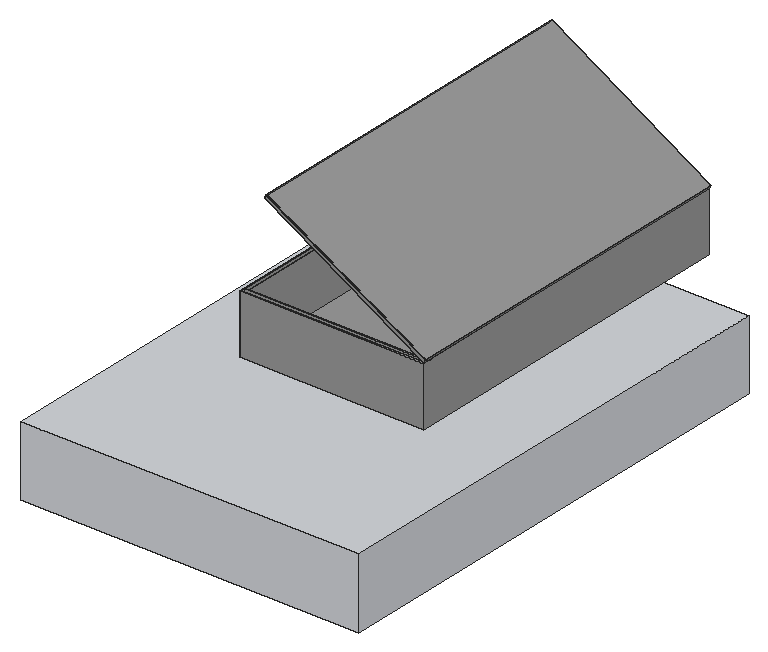
Revit family "Hager-Univers-IP55-D275-H1550-Cl.II-Steel_encl-CH-it", category Equipement électrique, Revit 2020
Family settings
  Hôte = Face
  Configuration du panneau = Deux colonnes, circuits au sein
  Cote de connecteur circulaire = Utiliser le diamètre
  Type d'élément = Tableau de raccordement
  Couper avec des vides une fois chargée = Non
  Partagée = Non
  Point de calcul de pièce = Non
Parameters (values of type "A parete IP55 L800 A1550 P275  - FR03S")
  Width Control [instance] = if([EF000008 - Larghezza] > Min Width, [EF000008 - Larghezza], Min Width)  # 800 mm
  Commentaires du type = [HG000003 - Gamma]  # "Univers"
  Thickness Door [instance] = if([EF009171 - spessore materiale porta/coperchio] > 3 mm, 3 mm, [EF009171 - spessore materiale porta/coperchio])  # 1.5 mm
  Seal Frame Offset [instance] = 17 mm  # constant formula
  Plinth Visibility [instance] = [HG000027 - Altezza dello zoccolo] > 0 mm  # no
  Model = ""
  Min Width [instance] = 100 mm  # constant formula
  Min Height [instance] = 100 mm  # constant formula
  Min Depth [instance] = (2 * [EF009170 - spessore materiale scatola]) + 1 mm  # 4 mm
  Internal Frame Depth [instance] = (Door System Depth * 0.5)  # 9 mm
  Height Control [instance] = if([EF000040 - Altezza] > Min Height, [EF000040 - Altezza], Min Height)  # 1550 mm
  HG000027 - Altezza dello zoccolo = 0 mm
  HG000026 - A pavimento = no
  HG000024 - Altezza della sezione inferiore = 800 mm
  HG000023 - Custodia a doppia sezione = no
  HG000016 - Visibilità delle porte nella vista 3D [instance] = yes
  HG000015 - Visibilità attraverso la porta [instance] = no
  HG000014 - Porta destra [instance] = yes
  HG000013 - Porta sinistra [instance] = not([HG000014 - Porta destra])  # no
  HG000012 - Angolo di apertura della porta [instance] = 30.00°
  HG000010 - Porte asimmetriche = no
  HG000009 - Porta doppia a battente = no
  HG000006 - Ad incasso = no
  HG000004 - Codice produttore = "FR03S"
  HG000003 - Gamma = "Univers"
  HG000002 - Con porta = yes
  Frame Offset Bottom [instance] = 10 mm  # constant formula
  Frame Offset [instance] = 15 mm  # constant formula
  EF015940 - Coprire con rilascio di sovrapressione = no
  EF011959 - tipo di protezione (NEMA) = ""
  EF009554 - numero delle aperture per la piastra della flangia = 6
  Fabricant = "Hager"  # constant formula
  EF009212 - esecuzione coperchio = "EV000116 - chiuso"
  EF009171 - spessore materiale porta/coperchio = 1.5 mm
  EF009170 - spessore materiale scatola = 1.5 mm
  EF008873 - corrente nominale (In) = 800 A
  EF007800 - adatto per parafulmine = no
  EF006306 - con serratura = no
  EF006244 - coperchio/porta trasparente = no
  EF005474 - grado di protezione (IP) = "EV006420 - IP55"
  EF004464 - tipo di porta = "EV002646 - singolo"
  EF004427 - numero di moduli = 360
  EF004293 - resistenza agli urti = "EV008784 - IK10"
  EF003532 - adatto per uso esterno = no
  EF002950 - Numero moduli DIN = 24
  EF001613 - Integrità del circuito = "EV000494 - senza"
  EF001596 - Attacco Lampada = "EV000179 - acciaio"
  EF001131 - profondità interna = 275 mm
  EF001088 - possibilità di applicazione = yes
  EF000437 - numero di ingressi per conduttori = 6
  EF000339 - tipo di copertura = "EV004216 - porta"
  EF000266 - numero di file = 10
  EF000218 - profondità di incasso = 0 mm
  EF000118 - con piastra di montaggio = no
  EF000116 - numero RAL = "7035"
  EF000049 - profondità = 275 mm
  EF000040 - Altezza = 1550 mm
  EF000008 - Larghezza = 800 mm
  EF000007 - colore = "EV000270 - grigio"
  EF000003 - Tipo di montaggio = "EV000384 - A parete"
  Door System Leaf Tolerance [instance] = 1.5 mm  # constant formula
  Door System Depth [instance] = 18 mm  # constant formula
  Door Height [instance] = Height Control - [HG000027 - Altezza dello zoccolo]  # 1550 mm
  Depth Control [instance] = if([EF000049 - profondità] > Min Depth, [EF000049 - profondità], Min Depth)  # 275 mm
  Default Elevation = 0 mm
  Connector Offset [instance] = Height Control / 2  # 775 mm
  Bottom Top Plate Trim [instance] = 1.5 mm  # constant formula
  Plinth height Ctrl [instance] = if([HG000027 - Altezza dello zoccolo] > 0 mm, [HG000027 - Altezza dello zoccolo], 12 mm)  # 12 mm
Types (5, lengths in mm): name | Width Control | HG000010 - Porte asimmetriche | HG000009 - Porta doppia a battente | HG000004 - Codice produttore | EF009554 - numero delle aperture per la piastra della flangia | EF004464 - tipo di porta | EF004427 - numero di moduli | EF000437 - numero di ingressi per conduttori | EF000008 - Larghezza
  A parete IP55 L1050 A1550 P275  - FR04S | 1050 | no | yes | "FR04S" | 8 | "EV003602 - doppio" | 480 | 8 | 1050
  A parete IP55 L1300 A1550 P275  - FR05S | 1300 | yes | yes | "FR05S" | 10 | "EV003602 - doppio" | 600 | 10 | 1300
  A parete IP55 L300 A1550 P275  - FR01S | 300 | no | no | "FR01S" | 2 | "EV002646 - singolo" | 120 | 2 | 300
  A parete IP55 L550 A1550 P275  - FR02S | 550 | no | no | "FR02S" | 4 | "EV002646 - singolo" | 240 | 4 | 550
  A parete IP55 L800 A1550 P275  - FR03S | 800 | no | no | "FR03S" | 6 | "EV002646 - singolo" | 360 | 6 | 800
Reference planes
  plane 1 "Center (Front/Back)": y = 0
  plane 2: z = 0
  plane 3 "Center (Left/Right)": x = 0
  plane 4: z = 275
  plane 5: y = 1.5
  plane 6: y = 775
  plane 7: y = 0
  plane 8: y = 1550
  plane 9: z = 0
  plane 10: x = -385
  plane 11: x = 385
  plane 12: x = 383.5
  plane 13: x = -383.5
  plane 14: y = 1548.5
  plane 15: x = -383
  plane 16: x = -400
  plane 17: x = 383
  plane 18: x = 400
  plane 19: x = 398.5
  plane 20: x = -398.5
  plane 21: y = 11.5
  plane 22: y = 1550
  plane 23: y = 1533.5
  plane 24: z = 257
  plane 25: z = 1.5
  plane 26: z = 255.5
  plane 27: z = 273.5
Forms (mm)
  Extrusion 1, solid
    sketch origin (0, 0, 0) x (1, 0, 0) y (0, 1, 0)
      loop
        line (-702.964, 1305) -> (-702.964, -811.445) -> (766.763, -811.445) -> (766.763, 1305) -> (-702.964, 1305)
    from 0 to -304.8
  Extrusion 2, solid, material "Hager_Steel_RAL7035_Light_Grey", visible <- "Plinth Visibility", detail levels medium+fine
    sketch origin (0, 0, 0) x (1, 0, 0) y (0, 1, 0)
      loop
        line (-400, 0) -> (400, 0) -> (400, 12) -> (-400, 12) -> (-400, 0)
    from 0 to 257
  Extrusion 3, solid, material "Hager_Steel_RAL7035_Light_Grey", detail levels medium+fine
    sketch origin (0, 0, 0) x (1, 0, 0) y (0, 1, 0)
      loop
        line (-400, 0) -> (400, 0) -> (400, 1550) -> (-400, 1550) -> (-400, 0)
    from 0 to 257
  Extrusion 4, void
    sketch origin (0, 0, 0) x (1, 0, 0) y (0, 1, 0)
      loop
        line (-398.5, 1.5) -> (398.5, 1.5) -> (398.5, 1548.5) -> (-398.5, 1548.5) -> (-398.5, 1.5)
    from 1.5 to 255.5
  Extrusion 5, void
    sketch origin (-381.607, -4572, 257) x (0, -1, 0) y (-1, 0, 0)
      loop
        line (-4583.5, 1.893) -> (-6105.5, 1.893) -> (-6105.5, -765.107) -> (-4583.5, -765.107) -> (-4583.5, 1.893)
    from 0 to 1.5 <- "EF009170 - spessore materiale scatola"
  Extrusion 6, solid, material "Hager_Steel_RAL7035_Light_Grey", detail levels fine
    sketch origin (0, 0, 257) x (1, 0, 0) y (0, 1, 0)
      loop
        line (-383.5, 1533.5) -> (-383.5, 11.5) -> (383.5, 11.5) -> (383.5, 1533.5) -> (-383.5, 1533.5)
      loop
        line (-385, 10) -> (385, 10) -> (385, 1535) -> (-385, 1535) -> (-385, 10)
    from 0 to 9 <- "Internal Frame Depth"
  Extrusion 7, solid, material "Hager_Steel_RAL7035_Light_Grey", detail levels coarse
    sketch origin (0, 0, 0) x (1, 0, 0) y (0, 1, 0)
      loop
        line (-400, 0) -> (400, 0) -> (400, 1550) -> (-400, 1550) -> (-400, 0)
    from 0 to 275
  Sweep 8, void
    path in 3D
      loop
        line (-400, 12, 0) -> (400, 12, 0) -> (400, 12, 257) -> (-400, 12, 257) -> (-400, 12, 0)
    profile origin (-400, 12, 128.5) x (-1, 0, 0) y (0, -1, 0)
      loop
        line (0, 0) -> (0, 1.5) -> (-1.5, 1.5)
        arc (-1.5, 1.5) -> (-1.061, 0.439) -> (0, 0) r 1.5
Cuts and joins
  Extrusion 4, Extrusion 5 cuts Extrusion 3
  Sweep 8 cuts Extrusion 2
Lines and regions (mm)
  Masking region 1
    outline origin (0, 0, 0) x (1, 0, 0) y (0, 0, 1)
      loop
        line (-400, 275) -> (-400, 0) -> (400, 0) -> (400, 275) -> (-400, 275)
  Masking region 2, detail levels medium+fine
    outline origin (0, 140, 0) x (0, 1, 0) y (0, 0, 1)
      loop
        line (-140, 0) -> (1410, 0) -> (1410, 257) -> (-140, 257) -> (-140, 0)
  Masking region 3, not visible, detail levels medium+fine
    outline origin (0, 297.922, 0) x (0, 1, 0) y (0, 0, 1)
      loop
        line (488.578, 0) -> (528.578, 0) -> (528.578, 263.5)
        arc (528.578, 263.5) -> (525.649, 270.571) -> (518.578, 273.5) r 10
        line (518.578, 273.5) -> (488.578, 273.5) -> (488.578, 0)
  Masking region 4, detail levels coarse
    outline origin (0, 0, 180) x (0, 1, 0) y (0, 0, 1)
      loop
        line (0, -180) -> (1550, -180) -> (1550, 95) -> (0, 95) -> (0, -180)
  Masking region 5, visible <- "Plinth Visibility", detail levels medium+fine
    outline origin (0, 52.24, 12.345) x (0, 0, -1) y (0, 1, 0)
      loop
        line (10.845, -40.24) -> (-243.155, -40.24)
        arc (-243.155, -40.24) -> (-243.594, -41.301) -> (-244.655, -41.74) r 1.5
        line (-244.655, -41.74) -> (-244.655, -52.24) -> (12.345, -52.24) -> (12.345, -41.74)
        arc (12.345, -41.74) -> (11.285, -41.301) -> (10.845, -40.24) r 1.5
  Masking region 6, detail levels medium+fine
    outline origin (-381.607, -4572, 257) x (-1, 0, 0) y (0, -1, 0)
      loop
        line (18.393, -6122) -> (18.393, -4572) -> (-781.607, -4572) -> (-781.607, -6122) -> (18.393, -6122)
  Masking region 7, visible <- "Plinth Visibility", detail levels medium+fine
    outline origin (-381.607, -4727, 257) x (-1, 0, 0) y (0, -1, 0)
      loop
        arc (16.893, -4739) -> (17.332, -4737.939) -> (18.393, -4737.5) r 1.5
        line (18.393, -4737.5) -> (18.393, -4727) -> (-781.607, -4727) -> (-781.607, -4737.5)
        arc (-781.607, -4737.5) -> (-780.546, -4737.939) -> (-780.107, -4739) r 1.5
        line (-780.107, -4739) -> (16.893, -4739)
  Masking region 8, detail levels coarse
    outline origin (-442.548, -4669.526, 257) x (-1, 0, 0) y (0, -1, 0)
      loop
        line (-42.548, -6219.526) -> (-42.548, -4669.526) -> (-842.548, -4669.526) -> (-842.548, -6219.526) -> (-42.548, -6219.526)
  sketch lines
    curve 1: line (-400, 12, 257) -> (-400, 12, 0)
    curve 2: line (400, 12, 257) -> (-400, 12, 257)
    curve 3: line (400, 12, 257) -> (400, 12, 0)
    curve 4: line (-400, 12, 0) -> (400, 12, 0)
Dimensions and locks
  "Depth Control": plane 4 to Extrusion 1
  "HG000027 - Altezza dello zoccolo": plane 1 "Center (Front/Back)" to plane 7
  "EF009170 - spessore materiale scatola": plane 5 to plane 7
  locked: connector elem to plane 3 "Center (Left/Right)"
  equal spacing: plane 8, plane 6, plane 7
  locked: connector elem to plane 6
  "EF009170 - spessore materiale scatola": plane 8 to plane 14
  "EF009170 - spessore materiale scatola": plane 10 to plane 13
  "EF009170 - spessore materiale scatola": plane 12 to plane 11
  "Frame Offset": plane 20 to plane 13
  "Frame Offset": plane 12 to plane 19
  "EF009170 - spessore materiale scatola": plane 16 to plane 20
  "EF009170 - spessore materiale scatola": plane 19 to plane 18
  "Seal Frame Offset": plane 16 to plane 15
  "Seal Frame Offset": plane 17 to plane 18
  "Frame Offset Bottom": plane 21 to plane 5
  "Frame Offset": plane 14 to plane 23
  equal spacing: plane 16, plane 3 "Center (Left/Right)", plane 18
  "Width Control": plane 16 to plane 18
  "EF009170 - spessore materiale scatola": plane 4 to plane 27
  "EF009170 - spessore materiale scatola": plane 24 to plane 26
  "EF009170 - spessore materiale scatola": plane 25 to level
  "Door System Depth": plane 4 to plane 24
  "Height Control": plane 1 "Center (Front/Back)" to Extrusion 7 sketch curve
  "Height Control": Masking region 4 sketch curve to plane 1 "Center (Front/Back)"
  "Height Control": plane 1 "Center (Front/Back)" to plane 22
  "Bottom Top Plate Trim": profile plane to Sweep 8 sketch curve
  "Bottom Top Plate Trim": Sweep 8 sketch curve to profile plane
  "Plinth height Ctrl": plane 1 "Center (Front/Back)" to Extrusion 2 sketch curve
  "Plinth height Ctrl": Masking region 5 sketch curve to plane 1 "Center (Front/Back)"
  "Plinth height Ctrl": plane 1 "Center (Front/Back)" to Masking region 7 sketch curve
  "Thickness Door": Extrusion 6 sketch curve to Extrusion 6 sketch curve  (x3)
  "Thickness Door": cut or joined group of Extrusion 3, Extrusion 4, Extrusion 5 to Extrusion 6 sketch curve
  radius of Masking region 3 sketch curve = 10 mm
  "Bottom Top Plate Trim": radius of Masking region 5 sketch curve  (x2)
  "Bottom Top Plate Trim": radius of Sweep 8 sketch curve
  "Bottom Top Plate Trim": radius of Masking region 7 sketch curve  (x2)
  aligned and locked: plane 2 to Extrusion 1
  aligned and locked: level to Extrusion 1
  aligned and locked: level to Masking region 1 sketch curve
  aligned and locked: Masking region 1 sketch curve to plane 18
  aligned and locked: Masking region 1 sketch curve to plane 16
  aligned and locked: plane 7 to Masking region 2 sketch curve
  aligned and locked: level to Masking region 3 sketch curve
  aligned and locked: Masking region 3 sketch curve to plane 27
  aligned and locked: level to Masking region 2 sketch curve
  aligned and locked: plane 1 "Center (Front/Back)" to Extrusion 2 sketch curve
  aligned and locked: Extrusion 3 sketch curve to plane 7
  aligned and locked: plane 16 to Extrusion 3 sketch curve
  aligned and locked: plane 18 to Extrusion 3 sketch curve
  aligned and locked: plane 20 to Extrusion 4 sketch curve
  aligned and locked: plane 19 to Extrusion 4 sketch curve
  aligned and locked: Extrusion 4 sketch curve to plane 5
  aligned and locked: Extrusion 4 to plane 25
  aligned and locked: plane 26 to Extrusion 4
  aligned and locked: plane 24 to Extrusion 3
  aligned and locked: Extrusion 5 sketch curve to plane 21
  aligned and locked: Extrusion 5 sketch curve to plane 13
  aligned and locked: Extrusion 5 sketch curve to plane 12
  aligned and locked: plane 18 to Extrusion 7 sketch curve
  aligned and locked: plane 1 "Center (Front/Back)" to Extrusion 7 sketch curve
  aligned and locked: plane 16 to Extrusion 7 sketch curve
  aligned and locked: plane 4 to Extrusion 7
  aligned and locked: Extrusion 7 to level
  aligned and locked: level to Masking region 4 sketch curve
  aligned and locked: Masking region 4 sketch curve to plane 1 "Center (Front/Back)"
  aligned and locked: Masking region 4 sketch curve to plane 4
  aligned and locked: nested 1 to level
  aligned and locked: nested 1 to plane 16
  aligned and locked: plane 8 to Extrusion 3 sketch curve
  aligned and locked: plane 23 to Extrusion 5 sketch curve
  aligned and locked: plane 14 to Extrusion 4 sketch curve
  aligned and locked: Masking region 2 sketch curve to plane 8
  aligned and locked: level to Masking region 5 sketch curve
  aligned and locked: plane 16 to Extrusion 2 sketch curve
  aligned and locked: plane 18 to Extrusion 2 sketch curve
  aligned and locked: Masking region 5 sketch curve to plane 24
  aligned and locked: Masking region 2 sketch curve to plane 24
  aligned and locked: plane 24 to Extrusion 2
  aligned and locked: profile plane to Sweep 8 sketch curve  (x2)
  aligned and locked: Masking region 6 sketch curve to plane 18
  aligned and locked: Masking region 6 sketch curve to plane 22
  aligned and locked: Masking region 6 sketch curve to plane 16
  aligned and locked: plane 8 to plane 22
  aligned and locked: Masking region 6 sketch curve to plane 7
  aligned and locked: Masking region 7 sketch curve to plane 16
  aligned and locked: Masking region 7 sketch curve to plane 1 "Center (Front/Back)"
  aligned and locked: Masking region 7 sketch curve to plane 18
  aligned and locked: Masking region 8 sketch curve to plane 1 "Center (Front/Back)"
  aligned and locked: Masking region 8 sketch curve to plane 18
  aligned and locked: Masking region 8 sketch curve to plane 22
  aligned and locked: Masking region 8 sketch curve to plane 16
  aligned and locked: nested 2 to plane 7
  aligned and locked: plane 3 "Center (Left/Right)" to nested 2
  aligned and locked: nested 2 to plane 24
  aligned and locked: Extrusion 6 sketch curve to cut or joined group of Extrusion 3, Extrusion 4, Extrusion 5  (x4)
Automatic sketch dimensions
  Extrusion 1 sketch curve to Extrusion 1 sketch curve = 1469.727 mm
  Extrusion 1 sketch curve to Extrusion 1 sketch curve = 2116.445 mm
  Masking region 1 sketch curve to plane 4 = 0 mm
  plane 6 to Masking region 3 sketch curve = 11.5 mm
  Masking region 3 sketch curve to Masking region 3 sketch curve = 30 mm
  Masking region 5 sketch curve to plane 1 "Center (Front/Back)" = 0 mm
Nested families
  nested 1: "Hager_Enclosure_Symbol" at (-400, 0, 0) x (1, 0, 0) z (0, -1, 0), Height <- "Depth Control", Width <- "Width Control", type "Hager_Enclosure_Symbol"
    with Width_Ctrl 800 mm, Width 800 mm, Height_Ctrl 275 mm, Height 275 mm, A_Width_Int 18.047 mm, A_Width 216.562 mm, A_Height_Ctrl 240.625 mm, A_Height 240.625 mm
  nested 2: "EC000058_Univers_Door" at (0, 0, 257) x (1, 0, 0) z (0, 1, 0), Leaf_Tolerance <- "Door System Leaf Tolerance", Angle <- "HG000012 - Angolo di apertura della porta", Door_Depth <- "Door System Depth", Door_Left <- "HG000013 - Porta sinistra", Transparent <- "EF006244 - coperchio/porta trasparente", Assymetrical <- "HG000010 - Porte asimmetriche", Width <- "Width Control", Clearance <- "HG000015 - Visibilità attraverso la porta", Double <- "HG000009 - Porta doppia a battente", 3d_Door <- "HG000016 - Visibilità delle porte nella vista 3D", Lock_Visibility <- "EF006306 - con serratura", Width_Ctrl <- "Width Control", Door_Right <- "HG000014 - Porta destra", Door <- "HG000002 - Con porta", Height <- "Door Height", Thickness <- "Thickness Door", type "EC000058_Univers_Door", detail levels medium+fine
    with min_wh 4 mm, Width_Ctrl 800 mm, Width 800 mm, Transparent no, Thickness 1.5 mm, Seal_Material Hager_Rubber, Lock_Visibility no, Lock_Material Hager_Plastic_RAL9005_Jet_Black, Leaf_Width 800 mm, Leaf_Tolerance_External_Sides 0 mm, Leaf_Tolerance 1.5 mm, Leaf_Offset 0 mm, Leaf_Height 1547 mm, Leaf_2_Width 800 mm, Leaf_2_Offset 400 mm, Leaf_1_Width 800 mm, Leaf_1_Offset 400 mm, Height_Ctrl 1550 mm, Height 1550 mm, Glass_Material Hager_Glass, Double_Clearance_Ctrl no, Double no, Door_Right_Ctrl yes, Door_Right yes, Door_Material Hager_Steel_RAL7035_Light_Grey, Door_Left_Ctrl no, Door_Left no, Door_Depth 18 mm, Door yes, Clearance_Material Hager_Clearance, Clearance_Depth 800 mm, Clearance_Ctrl no, Clearance no, Assymetrical no, Angle 30.00°, 3d_Door yes
Connectors
  electrical at (0, 775, 0)
    settings: on plane 9, index 1, voltage 0 V, apparent load 0 VA, apparent load phase1 0 VA, apparent load phase2 0 VA, apparent load phase3 0 VA, power factor 1, load classification "Other", number of poles 1, system type 30, power factor state 1, is connector primary yes, connector utility no, sub classification motor no, connector description ""
Definition of nested family "EC000058_Univers_Door"
  Parameters (values of type "EC000058_Univers_Door")
    min_wh [instance] = (2 * Thickness) + 1 mm  # 11 mm
    Width_Ctrl [instance] = 400 mm
    Width [instance] = 500 mm
    Transparent [instance] = yes
    Thickness [instance] = 5 mm
    Seal_Material [instance] = none
    Lock_Visibility [instance] = yes
    Lock_Material [instance] = none
    Leaf_Width [instance] = if((Width_Ctrl - 2 * Leaf_Tolerance_External_Sides) > 0 mm, (Width_Ctrl - 2 * Leaf_Tolerance_External_Sides), min_wh)  # 400 mm
    Leaf_Tolerance_External_Sides [instance] = 0 mm  # constant formula
    Leaf_Tolerance [instance] = 1.5 mm
    Leaf_Offset [instance] = 0 mm  # constant formula
    Leaf_Height [instance] = if((Height_Ctrl - 2 * Leaf_Tolerance) > 0 mm, (Height_Ctrl - 2 * Leaf_Tolerance), min_wh)  # 497 mm
    Leaf_2_Width [instance] = if(and(and(Double, Assymetrical), Door_Left), (Leaf_Width / 3) - (Leaf_Tolerance / 2), if(and(and(Double, Assymetrical), Door_Right), (Leaf_Width / 3) * 2 - (Leaf_Tolerance / 2), if(and(Double, not(Assymetrical)), (Leaf_Width / 2) - Leaf_Tolerance, Leaf_Width)))  # 400 mm
    Leaf_2_Offset [instance] = if(and(Double, Assymetrical), Leaf_2_Width / 2, if(and(Double, not(Assymetrical)), Leaf_Width / 4, Leaf_Width / 2))  # 200 mm
    Leaf_1_Width [instance] = if(and(and(Double, Assymetrical), Door_Right), (Leaf_Width / 3) - (Leaf_Tolerance / 2), if(and(and(Double, Assymetrical), Door_Left), (Width / 3) * 2 - (Leaf_Tolerance / 2), if(and(Double, not(Assymetrical)), (Leaf_Width / 2) - Leaf_Tolerance, Leaf_Width)))  # 400 mm
    Leaf_1_Offset [instance] = if(and(Double, Assymetrical), Leaf_1_Width / 2, if(and(Double, not(Assymetrical)), Leaf_Width / 4, Leaf_Width / 2))  # 200 mm
    Height_Ctrl [instance] = if(Height > min_wh, Height, min_wh)  # 500 mm
    Height [instance] = 500 mm
    Glass_Material [instance] = none
    Double_Clearance_Ctrl [instance] = and(Double, Clearance)  # no
    Double [instance] = no
    Door_Right_Ctrl [instance] = and(or(Door_Right, Double), Door)  # yes
    Door_Right [instance] = yes
    Door_Material [instance] = none
    Door_Left_Ctrl [instance] = and(or(Door_Left, Double), Door)  # no
    Door_Left [instance] = no
    Door_Depth [instance] = 30 mm
    Door [instance] = yes
    Default Elevation = 1219.2 mm
    Clearance_Material [instance] = none
    Clearance_Depth [instance] = if(Leaf_1_Width > Leaf_2_Width, Leaf_1_Width, Leaf_2_Width)  # 400 mm
    Clearance_Ctrl [instance] = and(not(Double), Clearance)  # yes
    Clearance [instance] = yes
    Assymetrical [instance] = yes
    Angle [instance] = 30.00°
    3d_Door [instance] = yes
  Reference planes
    plane 1 "Center (Front/Back)": y = 0
    plane 2 "Bottom": z = 0
    plane 3 "Center (Left/Right)": x = 0
    plane 4: z = 500
    plane 5: x = -200
    plane 6: x = 200
    plane 7: z = 500
    plane 8: x = -200
    plane 9: z = 0
    plane 10: x = 200
    plane 11: y = 0
    plane 12: z = 1.5
    plane 13: x = -600
    plane 14: y = -400
    plane 15: x = 600
    plane 16: x = 0
    plane 17: x = 0
    plane 18: x = -200
    plane 19: x = 200
    plane 20: z = 498.5
  Forms (mm)
    Extrusion 1, solid, material <- "Clearance_Material", visible <- "Double_Clearance_Ctrl"
      sketch origin (1200, 0, 0) x (1, 0, 0) y (0, 0, -1)
        loop
          line (-1800, -498.5) -> (-600, -498.5) -> (-600, 0) -> (-1800, 0) -> (-1800, -498.5)
      from 0 to -400
  Dimensions and locks
    equal spacing: plane 5, plane 3 "Center (Left/Right)", plane 6
    "Width_Ctrl": plane 5 to plane 6
    "Leaf_Offset": plane 5 to plane 8
    "Leaf_Offset": plane 6 to plane 10
    "Leaf_Offset": plane 9 to level
    "Leaf_Offset": plane 4 to plane 7
    "Height_Ctrl": plane 4 to level
    "Leaf_Tolerance": plane 12 to plane 9
    locked: plane 11 to plane 1 "Center (Front/Back)"
    "Leaf_1_Offset": plane 18 to plane 16
    "Leaf_2_Offset": plane 17 to plane 19
    "Leaf_1_Width": plane 13 to plane 8
    "Leaf_2_Width": plane 10 to plane 15
    "Clearance_Depth": plane 14 to plane 1 "Center (Front/Back)"
    "Leaf_Tolerance_External_Sides": plane 8 to plane 18
    "Leaf_Tolerance_External_Sides": plane 19 to plane 10
    "Leaf_Tolerance": plane 7 to plane 20
    aligned and locked: level to plane 2 "Bottom"
    aligned and locked: nested 1 to plane 16
    aligned and locked: nested 2 to plane 17
    aligned and locked: Extrusion 1 to plane 13
    aligned and locked: plane 15 to Extrusion 1
    aligned and locked: Extrusion 1 to plane 14
    aligned and locked: plane 12 to nested 1
    aligned and locked: nested 2 to plane 12
    aligned and locked: Extrusion 1 to plane 11
    aligned and locked: plane 20 to Extrusion 1
    aligned and locked: nested 2 to plane 11
    aligned and locked: nested 1 to plane 11
  Automatic sketch dimensions
    Extrusion 1 sketch curve to level = 0 mm
    plane 5 to Extrusion 1 sketch curve = 400 mm
    plane 6 to Extrusion 1 sketch curve = 400 mm
    Extrusion 1 sketch curve to plane 4 = 1.5 mm
  Nested families
    nested 1: "EC000058_Univers_Door_Leaf" at (0, 0, 1.5), Width <- "Leaf_1_Width", visible <- "Door_Left_Ctrl", Leaf_Height <- "Leaf_Height", Angle <- "Angle", 3d_Door <- "3d_Door", Transparent <- "Transparent", Clearance Material <- "Clearance_Material", Clearance <- "Clearance_Ctrl", Door_Material <- "Door_Material", Glass_Material <- "Glass_Material", Door_Depth <- "Door_Depth", Lock_Material <- "Lock_Material", Seal_Material <- "Seal_Material", Lock_Visibility <- "Lock_Visibility", Thickness <- "Thickness", type "EC000058_Univers_Door_Leaf"
      with Width 400 mm, Transparent_Glass_Offset 30 mm, Transparent_Ctrl yes, Transparent yes, Thickness 5 mm, Standard no, Seal_Material none, Seal_D2 8 mm, Seal_D1 1 mm, Offset_Internal_Frame 10 mm, Lock_Width 20 mm, Lock_Visibility_3d yes, Lock_Visibility yes, Lock_Thickness_3 3 mm, Lock_Thickness_2 1 mm, Lock_Thickness_1 3 mm, Lock_Radius_Offset_2 16 mm, Lock_Radius_Offset_1 15 mm, Lock_Radius_2 5 mm, Lock_Radius 6 mm, Lock_Offset 5 mm, Lock_Material none, Lock_Height 80 mm, Lock_Cover_Top_Offset_2d 17 mm, Lock_Cover_Height -65 mm, Leaf_Height 497 mm, Internal_Seal_Thickness 8 mm, Internal_Seal_Depth_2 4.5 mm, Internal_Frame_Depth 25 mm, Glass_Thickness -1 mm, Glass_Offset -2 mm, Glass_Material none, Door_Material none, Door_Depth 30 mm, Clearance Material none, Clearance yes, Angle_Ctrl 30.00°, Angle 30.00°, 3d_Door yes
    nested 2: "EC000058_Univers_Door_Leaf" at (0, 0, 1.5) x (-1, 0, 0) z (0, 0, 1), Width <- "Leaf_2_Width", visible <- "Door_Right_Ctrl", Leaf_Height <- "Leaf_Height", Angle <- "Angle", 3d_Door <- "3d_Door", Transparent <- "Transparent", Clearance Material <- "Clearance_Material", Clearance <- "Clearance_Ctrl", Door_Material <- "Door_Material", Glass_Material <- "Glass_Material", Door_Depth <- "Door_Depth", Lock_Material <- "Lock_Material", Seal_Material <- "Seal_Material", Lock_Visibility <- "Lock_Visibility", Thickness <- "Thickness", type "EC000058_Univers_Door_Leaf"
      with Width 400 mm, Transparent_Glass_Offset 30 mm, Transparent_Ctrl yes, Transparent yes, Thickness 5 mm, Standard no, Seal_Material none, Seal_D2 8 mm, Seal_D1 1 mm, Offset_Internal_Frame 10 mm, Lock_Width 20 mm, Lock_Visibility_3d yes, Lock_Visibility yes, Lock_Thickness_3 3 mm, Lock_Thickness_2 1 mm, Lock_Thickness_1 3 mm, Lock_Radius_Offset_2 16 mm, Lock_Radius_Offset_1 15 mm, Lock_Radius_2 5 mm, Lock_Radius 6 mm, Lock_Offset 5 mm, Lock_Material none, Lock_Height 80 mm, Lock_Cover_Top_Offset_2d 17 mm, Lock_Cover_Height -65 mm, Leaf_Height 497 mm, Internal_Seal_Thickness 8 mm, Internal_Seal_Depth_2 4.5 mm, Internal_Frame_Depth 25 mm, Glass_Thickness -1 mm, Glass_Offset -2 mm, Glass_Material none, Door_Material none, Door_Depth 30 mm, Clearance Material none, Clearance yes, Angle_Ctrl 30.00°, Angle 30.00°, 3d_Door yes
  Definition of nested family "EC000058_Univers_Door_Leaf"
    Parameters (values of type "EC000058_Univers_Door_Leaf")
      Width [instance] = 2000 mm
      Transparent_Glass_Offset [instance] = 30 mm
      Transparent_Ctrl [instance] = and(Transparent, [3d_Door])  # yes
      Transparent [instance] = yes
      Thickness [instance] = 5 mm
      Standard [instance] = and(not(Transparent), [3d_Door])  # no
      Seal_Material [instance] = none
      Seal_D2 [instance] = 8 mm  # constant formula
      Seal_D1 [instance] = 1 mm  # constant formula
      Offset_Internal_Frame [instance] = 10 mm  # constant formula
      Lock_Width [instance] = 20 mm  # constant formula
      Lock_Visibility_3d [instance] = and(Lock_Visibility, [3d_Door])  # yes
      Lock_Visibility [instance] = yes
      Lock_Thickness_3 [instance] = 3 mm  # constant formula
      Lock_Thickness_2 [instance] = 1 mm  # constant formula
      Lock_Thickness_1 [instance] = 3 mm  # constant formula
      Lock_Radius_Offset_2 [instance] = Lock_Radius_Offset_1 + 1 mm  # 16 mm
      Lock_Radius_Offset_1 [instance] = 15 mm  # constant formula
      Lock_Radius_2 [instance] = Lock_Radius - 1 mm  # 5 mm
      Lock_Radius [instance] = 6 mm  # constant formula
      Lock_Offset [instance] = 5 mm  # constant formula
      Lock_Material [instance] = none
      Lock_Height [instance] = 80 mm  # constant formula
      Lock_Cover_Top_Offset_2d [instance] = Lock_Radius_Offset_2 + 1 mm  # 17 mm
      Lock_Cover_Height [instance] = -(Lock_Height - Lock_Radius_Offset_1)  # -65 mm
      Leaf_Height [instance] = 2720.336 mm
      Internal_Seal_Thickness [instance] = 8 mm  # constant formula
      Internal_Seal_Depth_2 [instance] = 4.5 mm  # constant formula
      Internal_Frame_Depth [instance] = if(Door_Depth - Thickness > 5 mm, Door_Depth - Thickness, 5 mm)  # 25 mm
      Glass_Thickness [instance] = if(Thickness > 15 mm, Glass_Offset + 10 mm, -1 mm)  # -1 mm
      Glass_Offset [instance] = if(Thickness > 15 mm, -(Thickness + 10 mm) / 2, -2 mm)  # -2 mm
      Glass_Material [instance] = none
      Door_Material [instance] = none
      Door_Depth [instance] = 30 mm
      Default Elevation = 0 mm
      Clearance Material [instance] = none
      Clearance [instance] = yes
      Angle_Ctrl [instance] = if(Angle > 180.00°, 180.00°, Angle)  # 90.00°
      Angle [instance] = 90.00°
      3d_Door [instance] = yes
    Reference planes
      plane 1 "Center (Front/Back)": y = 0
      plane 2: z = 0
      plane 3 "Center (Left/Right)": x = 0
      plane 4: y = 2000
      plane 5: x = -1000
      plane 6: x = 1000
      plane 7: x = -3000
      plane 8: z = 2720.336
      plane 9: z = 30
      plane 10: z = 2690.336
      plane 11: x = 970
      plane 12: x = -970
      plane 13: y = -3
      plane 14: z = 107.833
      plane 15: y = -5
      plane 16: y = -223.314
      plane 17: x = -1000
      plane 18: z = 1360.168
      plane 19: y = 30
    Forms (mm)
      Extrusion 1, solid, material <- "Clearance Material", visible <- "Clearance"
        sketch origin (0, 0, 0) x (1, 0, 0) y (0, 0, 1)
          loop
            line (-3000, 2720.336) -> (-3000, 0) -> (1000, 0) -> (1000, 2720.336) -> (-3000, 2720.336)
        from 0 to -2000
      Extrusion 2, solid, material <- "Door_Material", visible <- "Standard", detail levels medium+fine
        sketch origin (-1000, 0, 0) x (0, 1, 0) y (-1, 0, 0)
          loop
            line (0, 30) -> (0, 25) -> (2000, 25) -> (2000, 30) -> (0, 30)
        from 0 to 2720.336 <- "Leaf_Height"
      Extrusion 3, solid, material <- "Door_Material", visible <- "Transparent_Ctrl", detail levels medium+fine
        sketch origin (-1000, 0, 0) x (0, 1, 0) y (-1, 0, 0)
          loop
            line (0, 25) -> (2000, 25) -> (2000, 30) -> (0, 30) -> (0, 25)
        from 0 to 2720.336 <- "Leaf_Height"
      Extrusion 4, void
        sketch origin (-1025, 2000, 0) x (0, 1, 0) y (0, 0, -1)
          loop
            line (-30, -2690.336) -> (-30, -30) -> (-1970, -30) -> (-1970, -2690.336) -> (-30, -2690.336)
        from 0 to 5 <- "Thickness"
      Sweep 5, solid, material <- "Seal_Material", visible <- "Transparent_Ctrl", detail levels fine
        path in 3D
          loop
            line (-1025, 30, 30) -> (-1025, 30, 2690.336) -> (-1025, 1970, 2690.336) -> (-1025, 1970, 30) -> (-1025, 30, 30)
        profile origin (-1025, 1000, 30) x (1, 0, 0) y (0, 0, 1)
          loop
            line (0, 0) -> (0, -8) -> (1, -8) -> (1, 0) -> (0, 0)
      Extrusion 6, solid, material <- "Glass_Material", visible <- "Transparent_Ctrl", detail levels medium+fine
        sketch origin (-1030, 0, 0) x (0, 1, 0) y (0, 0, -1)
          loop
            line (1970, -2690.336) -> (1970, -30) -> (30, -30) -> (30, -2690.336) -> (1970, -2690.336)
        from -2 <- "Glass_Offset" to -1 <- "Glass_Thickness"
      Extrusion 7, solid, material <- "Door_Material", visible <- "3d_Door", detail levels medium+fine
        sketch origin (-1025, 2000, 0) x (0, -1, 0) y (0, 0, -1)
          loop
            line (0, -2720.336) -> (2000, -2720.336) -> (2000, 0) -> (0, 0) -> (0, -2720.336)
          loop
            line (1995, -5) -> (5, -5) -> (5, -2715.336) -> (1995, -2715.336) -> (1995, -5)
        from 0 to 25 <- "Internal_Frame_Depth"
      Sweep 8, solid, material <- "Seal_Material", visible <- "Transparent_Ctrl", detail levels fine
        path in 3D
          loop
            line (-1025, 0, 0) -> (-1025, 2000, 0) -> (-1025, 2000, 2720.336) -> (-1025, 0, 2720.336) -> (-1025, 0, 0)
        profile origin (-1025, 0, 1360.168) x (1, 0, 0) y (0, 1, 0)
          loop
            line (0, 10) -> (2.975, 10)
            arc (2.975, 10) -> (4.053, 10.447) -> (4.5, 11.525) r 1.525
            line (4.5, 11.525) -> (4.5, 16.527)
            arc (4.5, 16.527) -> (4.069, 17.569) -> (3.027, 18) r 1.473
            line (3.027, 18) -> (0, 18) -> (0, 10)
      Extrusion 9, solid, material <- "Lock_Material", visible <- "Lock_Visibility_3d", detail levels fine
        sketch origin (-1030, 0, 0) x (0, 1, 0) y (0, 0, -1)
          loop
            arc (1993.5, -1400.168) -> (1994.561, -1399.729) -> (1995, -1398.668) r 1.5
            line (1995, -1398.668) -> (1995, -1320.168) -> (1975, -1320.168) -> (1975, -1398.668)
            arc (1975, -1398.668) -> (1975.439, -1399.729) -> (1976.5, -1400.168) r 1.5
            line (1976.5, -1400.168) -> (1993.5, -1400.168)
        from 3 <- "Lock_Thickness_1" to 0
      Blend 10, solid, material <- "Lock_Material", visible <- "Lock_Visibility_3d", detail levels fine
        base sketch origin (-1033, 0, 0) x (0, 1, 0) y (0, 0, -1)
          loop
            line (1975, -1320.168) -> (1975, -1398.668)
            arc (1975, -1398.668) -> (1975.439, -1399.729) -> (1976.5, -1400.168) r 1.5
            line (1976.5, -1400.168) -> (1993.5, -1400.168)
            arc (1993.5, -1400.168) -> (1994.561, -1399.729) -> (1995, -1398.668) r 1.5
            line (1995, -1398.668) -> (1995, -1320.168) -> (1975, -1320.168)
        top sketch origin (-1033, 0, 0) x (0, 1, 0) y (0, 0, -1)
          loop
            line (1976, -1320.168) -> (1976, -1398.668)
            arc (1976, -1398.668) -> (1976.146, -1399.022) -> (1976.5, -1399.168) r 0.5
            line (1976.5, -1399.168) -> (1993.5, -1399.168)
            arc (1993.5, -1399.168) -> (1993.854, -1399.022) -> (1994, -1398.668) r 0.5
            line (1994, -1398.668) -> (1994, -1320.168) -> (1976, -1320.168)
        from 0 to 1 <- "Lock_Thickness_2"
      Blend 11, solid, material <- "Lock_Material", visible <- "Lock_Visibility_3d", detail levels fine
        base sketch origin (-1034, 0, 0) x (0, 1, 0) y (0, 0, -1)
          loop
            line (1978, -1320.168) -> (1978, -1384.168)
            arc (1978, -1384.168) -> (1985, -1391.168) -> (1992, -1384.168) r 7
            line (1992, -1384.168) -> (1992, -1320.168) -> (1978, -1320.168)
        top sketch origin (-1034, 0, 0) x (0, 1, 0) y (0, 0, -1)
          loop
            line (1991, -1320.168) -> (1979, -1320.168) -> (1979, -1383.168)
            arc (1979, -1383.168) -> (1985, -1389.168) -> (1991, -1383.168) r 6
            line (1991, -1383.168) -> (1991, -1320.168)
        from 0 to 3 <- "Lock_Thickness_3"
      Extrusion 12, solid, material <- "Lock_Material", visible <- "Lock_Visibility_3d", detail levels fine
        sketch origin (-1030, 1975, 1320.168) x (1, 0, 0) y (0, -1, 0)
          loop
            line (-7, -19) -> (-7, -1) -> (0, -1) -> (0, 0) -> (-8, 0) -> (-8, -20) -> (0, -20) -> (0, -19) -> (-7, -19)
        from 0 to -65 <- "Lock_Cover_Height"
      Extrusion 13, void
        sketch origin (-1038, 1995, 1320.168) x (-1, 0, 0) y (0, 0, -1)
          loop
            line (-5, -65) -> (0, -65) -> (-5, -60) -> (-5, -65)
        from 0 to 20 <- "Lock_Width"
      Extrusion 14, void
        sketch origin (-1038, 1975, 1320.168) x (0, -1, 0) y (0, 0, -1)
          loop
            circle (-10, -15.995) r 6
          loop
            circle (-10, -15.995) r 5
        from 0 to 2
      Extrusion 15, solid, material <- "Lock_Material", visible <- "Lock_Visibility_3d", detail levels medium
        sketch origin (-1030, 0, 0) x (0, 1, 0) y (0, 0, -1)
          loop
            arc (1993.5, -1400.168) -> (1994.561, -1399.729) -> (1995, -1398.668) r 1.5
            line (1995, -1398.668) -> (1995, -1320.168) -> (1975, -1320.168) -> (1975, -1398.668)
            arc (1975, -1398.668) -> (1975.439, -1399.729) -> (1976.5, -1400.168) r 1.5
            line (1976.5, -1400.168) -> (1993.5, -1400.168)
        from 8 to 0
    Cuts and joins
      Extrusion 4 cuts Extrusion 3
      Extrusion 13, Extrusion 14 cuts Extrusion 9
      Extrusion 14 cuts Blend 11
      Extrusion 13, Extrusion 14 cuts Extrusion 12
      joined: Extrusion 9, Blend 10, Blend 11, Extrusion 12
      Extrusion 14 cuts Extrusion 15
    Lines and regions (mm)
      Masking region 1, visible <- "Lock_Visibility", detail levels fine
        outline origin (0, 0, 0) x (0, 1, 0) y (0, 0, 1)
          loop
            line (30, 1320.168) -> (33, 1320.168) -> (33, 1400.168) -> (30, 1400.168) -> (30, 1320.168)
      Masking region 2, visible <- "Lock_Visibility", detail levels fine
        outline origin (0, 3.143, 0) x (0, 1, 0) y (0, 0, 1)
          loop
            line (29.857, 1354.168) -> (30.857, 1354.168) -> (30.857, 1366.168) -> (29.857, 1366.168) -> (29.857, 1354.168)
      Masking region 3, detail levels medium+fine
        outline origin (0, 0, 0) x (0, 1, 0) y (0, 0, 1)
          loop
            line (0, 0) -> (30, 0) -> (30, 2720.336) -> (0, 2720.336) -> (0, 0)
      Masking region 4, detail levels medium+fine
        outline origin (0, 0, 0) x (1, 0, 0) y (0, 0, 1)
          loop
            line (-1000, 2720.336) -> (-1000, 0) -> (1000, 0) -> (1000, 2720.336) -> (-1000, 2720.336)
      Masking region 5, visible <- "Lock_Visibility", detail levels fine
        outline origin (-47.116, 0, 0) x (1, 0, 0) y (0, 0, 1)
          loop
            arc (1024.616, 1399.168) -> (1023.556, 1398.729) -> (1023.116, 1397.668) r 1.5
            line (1023.116, 1397.668) -> (1023.116, 1320.168) -> (1041.116, 1320.168) -> (1041.116, 1397.668)
            arc (1041.116, 1397.668) -> (1040.677, 1398.729) -> (1039.616, 1399.168) r 1.5
            line (1039.616, 1399.168) -> (1024.616, 1399.168)
      Masking region 6, visible <- "Lock_Visibility", detail levels medium+fine
        outline origin (-25, 0, 0) x (1, 0, 0) y (0, 0, 1)
          loop
            arc (1001.5, 1400.168) -> (1000.439, 1399.729) -> (1000, 1398.668) r 1.5
            line (1000, 1398.668) -> (1000, 1320.168) -> (1020, 1320.168) -> (1020, 1398.668)
            arc (1020, 1398.668) -> (1019.561, 1399.729) -> (1018.5, 1400.168) r 1.5
            line (1018.5, 1400.168) -> (1001.5, 1400.168)
      Masking region 7, visible <- "Lock_Visibility", detail levels fine
        outline origin (-73.735, 0, 0) x (1, 0, 0) y (0, 0, 1)
          loop
            line (1051.735, 1382.168) -> (1065.735, 1382.168) -> (1065.735, 1384.168)
            arc (1065.735, 1384.168) -> (1058.735, 1391.168) -> (1051.735, 1384.168) r 7
            line (1051.735, 1384.168) -> (1051.735, 1382.168)
      Masking region 8, visible <- "Lock_Visibility", detail levels fine
        outline origin (-73.735, 0, 0) x (1, 0, 0) y (0, 0, 1)
          loop
            line (1052.735, 1382.168) -> (1064.735, 1382.168) -> (1064.735, 1383.168)
            arc (1064.735, 1383.168) -> (1058.735, 1389.168) -> (1052.735, 1383.168) r 6
            line (1052.735, 1383.168) -> (1052.735, 1382.168)
      Masking region 9, visible <- "Lock_Visibility", detail levels fine
        outline origin (-25, 0, 0) x (1, 0, 0) y (0, 0, 1)
          loop
            line (1020, 1320.168) -> (1020, 1382.168) -> (1000, 1382.168) -> (1000, 1320.168) -> (1020, 1320.168)
      Masking region 10, detail levels medium+fine
        outline origin (0, 0, 0) x (1, 0, 0) y (0, 0, 1)
          loop
            circle (985, 1335.144) r 6
      Masking region 11, detail levels fine
        outline origin (0, 0, 0) x (1, 0, 0) y (0, 0, 1)
          loop
            circle (985, 1335.144) r 5
      Masking region 12, visible <- "Lock_Visibility", detail levels fine
        outline origin (0, 12.767, 0) x (0, 1, 0) y (0, 0, 1)
          loop
            line (20.233, 1320.168) -> (21.233, 1320.168) -> (21.233, 1399.168) -> (20.233, 1400.168) -> (20.233, 1320.168)
      Masking region 13, visible <- "Lock_Visibility", detail levels fine
        outline origin (0, 13.767, -10) x (0, 1, 0) y (0, 0, 1)
          loop
            line (20.233, 1330.168) -> (23.233, 1330.168) -> (23.233, 1399.168) -> (20.233, 1402.168) -> (20.233, 1330.168)
      Masking region 14, visible <- "Lock_Visibility", detail levels fine
        outline origin (0, 12.767, -10) x (0, 1, 0) y (0, 0, 1)
          loop
            line (20.233, 1330.168) -> (25.233, 1330.168) -> (25.233, 1399.305) -> (20.233, 1394.305) -> (20.233, 1330.168)
      Masking region 15, visible <- "Lock_Visibility", detail levels medium
        outline origin (0, 0, 0) x (0, 1, 0) y (0, 0, 1)
          loop
            line (30, 1320.168) -> (38, 1320.168) -> (38, 1400.168) -> (30, 1400.168) -> (30, 1320.168)
      Masking region 16, visible <- "Lock_Visibility", detail levels fine
        outline origin (-1000, 0, 0) x (0, 1, 0) y (-1, 0, 0)
          loop
            line (1975, 30) -> (1995, 30) -> (1995, 38) -> (1975, 38) -> (1975, 30)
          loop
            line (1979, 37) -> (1976, 37) -> (1976, 34) -> (1978, 34) -> (1979, 37)
          loop
            line (1994, 37) -> (1991, 37) -> (1992, 34) -> (1994, 34) -> (1994, 37)
      Masking region 17, visible <- "Lock_Visibility", detail levels medium
        outline origin (-1000, 0, 0) x (0, 1, 0) y (-1, 0, 0)
          loop
            line (1975, 30) -> (1995, 30) -> (1995, 38) -> (1975, 38) -> (1975, 30)
      symbolic lines
        curve 1: line (1000, 0, 0) -> (-3000, 0, 0)
        curve 2: arc (1000, 0, 0) -> (-1000, 2000, 0) -> (-3000, 0, 0) r 2000
        curve 4: line (-1030, 0, 0) -> (-1030, 2000, 0)
      reference lines
        curve 3: line (-1000, 0, 0) -> (-1000, 2000, 0)
      symbolic lines, detail levels medium+fine
        curve 5: line (-1030, 2000, 0) -> (-1025, 2000, 0)
        curve 7: line (-1025, 0, 0) -> (-1030, 0, 0)
        curve 8: line (-1025, 0, 0) -> (-1000, 0, 0)
        curve 9: line (-1000, 0, 0) -> (-1000, 2000, 0)
        curve 10: line (-1000, 2000, 0) -> (-1025, 2000, 0)
      symbolic lines, detail levels fine
        curve 6: line (-1025, 2000, 0) -> (-1025, 0, 0)
      sketch lines
        curve 11: line (-1025, 0, 2720.336) -> (-1025, 0, 0)
        curve 12: line (-1025, 2000, 0) -> (-1025, 0, 0)
        curve 13: line (-1025, 2000, 2720.336) -> (-1025, 2000, 0)
        curve 14: line (-1025, 0, 2720.336) -> (-1025, 2000, 2720.336)
        curve 15: line (-1025, 1970, 30) -> (-1025, 30, 30)
        curve 16: line (-1025, 30, 30) -> (-1025, 30, 2690.336)
        curve 17: line (-1025, 1970, 2690.336) -> (-1025, 1970, 30)
        curve 18: line (-1025, 30, 2690.336) -> (-1025, 1970, 2690.336)
      symbolic lines, visible <- "Transparent", detail levels medium+fine
        curve 19: line (-970, 0, 2690.336) -> (970, 0, 2690.336)
        curve 20: line (-970, 0, 30) -> (-970, 0, 2690.336)
        curve 21: line (970, 0, 30) -> (-970, 0, 30)
        curve 22: line (970, 0, 2690.336) -> (970, 0, 30)
    Dimensions and locks
      "Width": plane 1 "Center (Front/Back)" to plane 4
      equal spacing: plane 5, plane 3 "Center (Left/Right)", plane 6
      "Width": plane 5 to plane 6
      "Width": plane 7 to plane 5
      "Leaf_Height": plane 8 to level
      "Width": curve 5 to curve 3
      "Width": curve 3 to curve 3
      plane 8 to plane 10 = 30 mm
      plane 9 to level = 30 mm
      plane 12 to plane 5 = 30 mm
      plane 6 to plane 11 = 30 mm
      Extrusion 1 to Extrusion 4 sketch curve = 30 mm
      "Transparent_Glass_Offset": curve 3 to Extrusion 4 sketch curve
      "Transparent_Glass_Offset": Extrusion 4 sketch curve to cut or joined group of Extrusion 3, Extrusion 4  (x2)
      cut or joined group of Extrusion 3, Extrusion 4 to Extrusion 6 sketch curve = 30 mm
      "Transparent_Glass_Offset": cut or joined group of Extrusion 3, Extrusion 4 to Extrusion 4 sketch curve
      "Thickness": curve 6 to curve 4
      "Thickness": Extrusion 7 sketch curve to Extrusion 7 sketch curve  (x4)
      "Door_Depth": curve 4 to curve 3
      "Offset_Internal_Frame": profile plane to Sweep 8 sketch curve
      "Internal_Seal_Thickness": Sweep 8 sketch curve to Sweep 8 sketch curve
      "Internal_Seal_Depth_2": profile plane to Sweep 8 sketch curve
      "Seal_D1": profile plane to Sweep 5 sketch curve
      "Seal_D2": profile plane to Sweep 5 sketch curve
      "Thickness": Extrusion 2 sketch curve to Extrusion 2 sketch curve
      equal spacing: Extrusion 9 sketch curve, plane 18, Extrusion 9 sketch curve  (x2)
      equal spacing: Masking region 1 sketch curve, plane 18, Masking region 1 sketch curve
      "Lock_Height": Masking region 1 sketch curve to Masking region 1 sketch curve
      "Lock_Radius": Masking region 2 sketch curve to plane 18 to Masking region 2 sketch curve
      Masking region 2 sketch curve to Masking region 1 = 1 mm
      "Door_Depth": plane 19 to plane 1 "Center (Front/Back)"
      "Lock_Thickness_1": Masking region 1 sketch curve to plane 19
      "Lock_Width": Extrusion 9 sketch curve to Extrusion 9 sketch curve
      "Lock_Height": Extrusion 9 sketch curve to Extrusion 9 sketch curve
      "Lock_Offset": cut or joined group of Extrusion 3, Extrusion 4 to Extrusion 9 sketch curve
      equal spacing: plane 8, plane 18, level
      "Lock_Radius_Offset_1": Blend 11 sketch curve to Blend 10
      locked: Blend 10 to Blend 11 sketch curve at 2  (x2)
      locked: var sketch to Blend 11 sketch curve at 1  (x2)
      "Lock_Radius_Offset_2": Blend 11 sketch curve to Blend 10
      locked: Extrusion 12 sketch curve to Extrusion 12 sketch curve at 1  (x3)
      Masking region 6 sketch curve to Masking region 6 sketch curve = 80 mm
      "Lock_Height": Masking region 6 sketch curve to Masking region 6 sketch curve
      "Lock_Width": Masking region 6 sketch curve to Masking region 6 sketch curve
      locked: Masking region 6 to Masking region 5 sketch curve at 1  (x3)
      locked: Masking region 5 to Masking region 7 sketch curve at 2  (x2)
      "Lock_Radius_Offset_1": Masking region 5 to Masking region 7 sketch curve
      "Lock_Radius_Offset_2": Masking region 5 to Masking region 8 sketch curve
      locked: Masking region 7 to Masking region 8 sketch curve at 1  (x2)
      "Lock_Cover_Top_Offset_2d": Masking region 5 to Masking region 9 sketch curve
      equal spacing: Masking region 9, Masking region 10 sketch curve, Masking region 9
      equal spacing: Masking region 9, Masking region 11 sketch curve, Masking region 9
      Extrusion 15 sketch curve to Extrusion 15 sketch curve = 80 mm
      "Lock_Width": Extrusion 15 sketch curve to Extrusion 15 sketch curve
      "Lock_Height": Extrusion 15 sketch curve to Extrusion 15 sketch curve
      equal spacing: Extrusion 15 sketch curve, plane 18, Extrusion 15 sketch curve
      "Lock_Thickness_3": Masking region 13 sketch curve to Masking region 13 sketch curve
      "Lock_Height": Masking region 12 sketch curve to Masking region 12 sketch curve
      locked: Masking region 13 sketch curve to Masking region 1 at 8
      locked: Masking region 14 sketch curve to Masking region 13 at 1
      locked: Masking region 14 sketch curve to Masking region 1 at 10.863
      "Lock_Height": Masking region 15 sketch curve to Masking region 15 sketch curve
      "Lock_Offset": Extrusion 15 sketch curve to cut or joined group of Extrusion 3, Extrusion 4
      "Lock_Offset": plane 6 to Masking region 6 sketch curve
      radius of Sweep 8 sketch curve = 1.525 mm
      radius of Sweep 8 sketch curve = 1.473 mm
      radius of Extrusion 9 sketch curve = 1.5 mm  (x2)
      "Lock_Radius": radius of Extrusion 14 sketch curve
      "Lock_Radius_2": radius of Extrusion 14 sketch curve
      "Lock_Radius": radius of Masking region 10 sketch curve
      "Lock_Radius_2": radius of Masking region 11 sketch curve
      radius of Extrusion 15 sketch curve = 1.5 mm  (x2)
      "Angle_Ctrl": angle plane 1 "Center (Front/Back)" to curve 3
      locked: Masking region 12 sketch curve to Masking region 12 sketch curve (angle 45.00°)
      locked: Masking region 13 sketch curve to Masking region 13 sketch curve (angle 45.00°)
      locked: Masking region 14 sketch curve to Masking region 14 sketch curve (angle 45.00°)
      aligned and locked: level to plane 2
      aligned and locked: Extrusion 1 to curve 1
      aligned and locked: plane 6 to Extrusion 1
      aligned and locked: Extrusion 1 to plane 1 "Center (Front/Back)"
      aligned and locked: plane 4 to Extrusion 1
      aligned and locked: plane 8 to Extrusion 1
      aligned and locked: curve 7 to Extrusion 2 sketch curve
      aligned and locked: curve 5 to Extrusion 2 sketch curve
      aligned and locked: curve 7 to Extrusion 3 sketch curve
      aligned and locked: Extrusion 3 sketch curve to curve 4
      aligned and locked: Extrusion 3 sketch curve to curve 6
      aligned and locked: Extrusion 3 sketch curve to curve 5
      aligned and locked: curve 9 to curve 3
      aligned and locked: Extrusion 7 sketch curve to cut or joined group of Extrusion 3, Extrusion 4  (x4)
      aligned and locked: plane 17 to curve 3
      aligned and locked: plane 1 "Center (Front/Back)" to curve 3
      aligned and locked: plane 17 to plane 5
      aligned and locked: Sweep 8 sketch curve to profile plane
      aligned and locked: Sweep 5 sketch curve to profile plane  (x2)
      aligned and locked: Masking region 1 to Masking region 2 sketch curve
      aligned and locked: plane 19 to Masking region 1 sketch curve
      aligned and locked: plane 1 "Center (Front/Back)" to Masking region 3 sketch curve
      aligned and locked: plane 19 to Masking region 3 sketch curve
      aligned and locked: level to Masking region 3 sketch curve
      aligned and locked: Masking region 3 sketch curve to plane 8
      aligned and locked: plane 17 to Masking region 4 sketch curve
      aligned and locked: level to Masking region 4 sketch curve
      aligned and locked: Masking region 4 sketch curve to plane 8
      aligned and locked: plane 12 to curve 20
      aligned and locked: plane 10 to curve 19
      aligned and locked: plane 11 to curve 22
      aligned and locked: curve 21 to plane 9
      aligned and locked: Extrusion 2 sketch curve to cut or joined group of Extrusion 3, Extrusion 4
      aligned and locked: Blend 10 sketch curve to Extrusion 9  (x4)
      aligned and locked: Extrusion 9 to Blend 10 sketch curve
      aligned and locked: Blend 10 to Blend 11 sketch curve
      aligned and locked: Extrusion 12 sketch curve to Blend 11
      aligned and locked: Extrusion 12 sketch curve to Extrusion 9  (x4)
      aligned and locked: Masking region 5 sketch curve to Masking region 6
      aligned and locked: Masking region 9 sketch curve to Masking region 6  (x3)
      aligned and locked: Masking region 12 sketch curve to Masking region 1
      aligned and locked: Masking region 13 sketch curve to Masking region 1
      aligned and locked: Masking region 12 to Masking region 14
      aligned and locked: Masking region 14 sketch curve to Masking region 1
      aligned and locked: Masking region 15 sketch curve to Masking region 14
      aligned and locked: Masking region 13 sketch curve to Masking region 12
      aligned and locked: Masking region 16 sketch curve to cut or joined group of Extrusion 14, Extrusion 15  (x4)
      aligned and locked: Masking region 16 sketch curve to cut or joined group of Extrusion 9, Blend 10, Blend 11, Extrusion 12, Extrusion 13, Extrusion 14  (x6)
      aligned and locked: cut or joined group of Extrusion 9, Blend 10, Blend 11, Extrusion 12, Extrusion 13, Extrusion 14 to Masking region 16 sketch curve
      aligned and locked: Masking region 17 sketch curve to cut or joined group of Extrusion 14, Extrusion 15  (x3)
      aligned and locked: Masking region 17 sketch curve to cut or joined group of Extrusion 9, Blend 10, Blend 11, Extrusion 12, Extrusion 13, Extrusion 14
      aligned and locked: Masking region 9 to Masking region 8 sketch curve
      aligned and locked: Masking region 9 to Masking region 7 sketch curve
    Automatic sketch dimensions
      plane 1 "Center (Front/Back)" to curve 2 = 0 mm
      curve 2 to plane 5 = 0 mm
      Extrusion 1 sketch curve to level = 0 mm
      Extrusion 1 sketch curve to plane 7 = 0 mm
      Extrusion 1 sketch curve to plane 6 = 0 mm
      Extrusion 1 sketch curve to plane 8 = 0 mm
      Extrusion 3 to Extrusion 6 sketch curve = 30 mm  (x4)
      Masking region 4 sketch curve to plane 6 = 0 mm
      Blend 10 sketch curve to Extrusion 9 = 1.5 mm
      Blend 10 sketch curve to Extrusion 9 = 1 mm
      Extrusion 13 sketch curve to Extrusion 12 = 0 mm  (x2)
      Extrusion 12 to Extrusion 13 sketch curve = 3 mm
      Extrusion 13 sketch curve to Extrusion 12 = 5 mm
      Extrusion 14 sketch curve to Extrusion 14 sketch curve = 0 mm  (x2)
      Extrusion 14 sketch curve to Extrusion 12 = 10 mm
      Extrusion 14 sketch curve to Extrusion 12 = 15.995 mm
      Masking region 5 sketch curve to Masking region 5 sketch curve = 1.5 mm  (x2)
      Masking region 10 sketch curve to plane 18 = 25.024 mm
      Masking region 11 sketch curve to plane 18 = 25.024 mm
      plane 19 to Masking region 14 sketch curve = 3 mm
      Masking region 16 sketch curve to Masking region 16 sketch curve = 3 mm
      curve 4 to curve 3 = 0 mm
      Blend 10 to Blend 11 sketch curve = 0 mm
      Masking region 6 sketch curve to Masking region 6 sketch curve = 1.5 mm  (x2)
      Masking region 6 sketch curve to plane 18 = 40 mm
      plane 19 to Masking region 12 sketch curve = 3 mm
      Masking region 12 sketch curve to Masking region 12 sketch curve = 1 mm
      Masking region 15 sketch curve to plane 19 = 0 mm
      Masking region 15 sketch curve to plane 18 = 40 mm
      radius of Blend 10 sketch curve to Extrusion 9 = 1 mm
Definition of nested family "Hager_Enclosure_Symbol"
  Parameters (values of type "Hager_Enclosure_Symbol")
    Width_Ctrl [instance] = if(Width > 1 mm, Width, 1 mm)  # 102.27 mm
    Width [instance] = 102.27 mm
    Height_Ctrl [instance] = if(Height > 1 mm, Height, 1 mm)  # 66.5 mm
    A_Width_Int [instance] = if(A_Width / 12 > 2 mm, A_Width / 12, 2 mm)  # 4.364 mm
    A_Width [instance] = if(A_Height_Ctrl * 0.9 > 2 mm, A_Height_Ctrl * 0.9, 2 mm)  # 52.369 mm
    A_Height_Ctrl [instance] = if(A_Height > 2 mm, A_Height, 2 mm)  # 58.188 mm
    Height [instance] = 66.5 mm
    A_Height [instance] = Height - (Height / 8)  # 58.188 mm
  Reference planes
    plane 1 "Centre (avant/arrière)": y = 0
    plane 2: z = 0
    plane 3 "Centre (gauche/droite)": x = 0
    plane 4: x = 52.369
    plane 5: y = 33.042
    plane 6: y = 41.77
    plane 7: y = 66.5
    plane 8: x = 26.184
    plane 9: y = 37.406
    plane 10: x = 102.27
    plane 11: y = 66.5
    plane 12: y = 8.313
  Lines and regions (mm)
    Filled region 1, type "Solid_Black", in view "Niveau de réf."
      outline origin (0, 0, 0) x (1, 0, 0) y (0, 1, 0)
        loop
          line (52.369, 66.5) -> (33.188, 54.536) -> (45.365, 45.006) -> (52.369, 66.5)
    Filled region 2, type "Solid_Black", in view "Niveau de réf."
      outline origin (0, 0, 0) x (1, 0, 0) y (0, 1, 0)
        loop
          line (0, 0) -> (102.27, 0) -> (102.27, 66.5) -> (0, 0)
    detail lines, in view "Niveau de réf."
      curve 1: line (0, 8.313, 0) -> (26.184, 41.77, 0)
      curve 2: line (26.184, 41.77, 0) -> (26.184, 33.042, 0)
      curve 3: line (26.184, 33.042, 0) -> (52.369, 66.5, 0)
  Dimensions and locks
    "A_Width": plane 3 "Centre (gauche/droite)" to plane 4
    equal spacing: plane 3 "Centre (gauche/droite)", plane 8, plane 4
    equal spacing: plane 6, plane 9, plane 5
    equal spacing: curve 3, Filled region 1 sketch curve, Filled region 1 sketch curve
    "Height_Ctrl": plane 1 "Centre (avant/arrière)" to plane 11
    "A_Height_Ctrl": plane 11 to plane 12
    equal spacing: plane 11, plane 9, plane 12
    "A_Width_Int": plane 6 to plane 9
    "Width_Ctrl": plane 3 "Centre (gauche/droite)" to plane 10
    angle Filled region 1 sketch curve to curve 3 = 20.00°
    angle curve 3 to Filled region 1 sketch curve = 20.00°
    locked: curve 3 to Filled region 1 sketch curve (angle 90.00°)
    aligned and locked: plane 10 to Filled region 2
    aligned and locked: plane 11 to Filled region 2 sketch curve
    aligned and locked: plane 10 to Filled region 2 sketch curve
    aligned and locked: plane 3 "Centre (gauche/droite)" to curve 1
    aligned and locked: plane 12 to curve 1
    aligned and locked: plane 7 to plane 11
  Automatic sketch dimensions
    Filled region 1 sketch curve to plane 4 = 0 mm
    Filled region 1 sketch curve to plane 7 = 0 mm
    plane 1 "Centre (avant/arrière)" to Filled region 2 sketch curve = 0 mm
    Filled region 2 sketch curve to plane 3 "Centre (gauche/droite)" = 0 mm
    curve 2 to plane 6 = 0 mm
    curve 2 to plane 8 = 0 mm
    curve 3 to plane 4 = 0 mm
    curve 2 to plane 5 = 0 mm
    curve 3 to plane 7 = 0 mm
